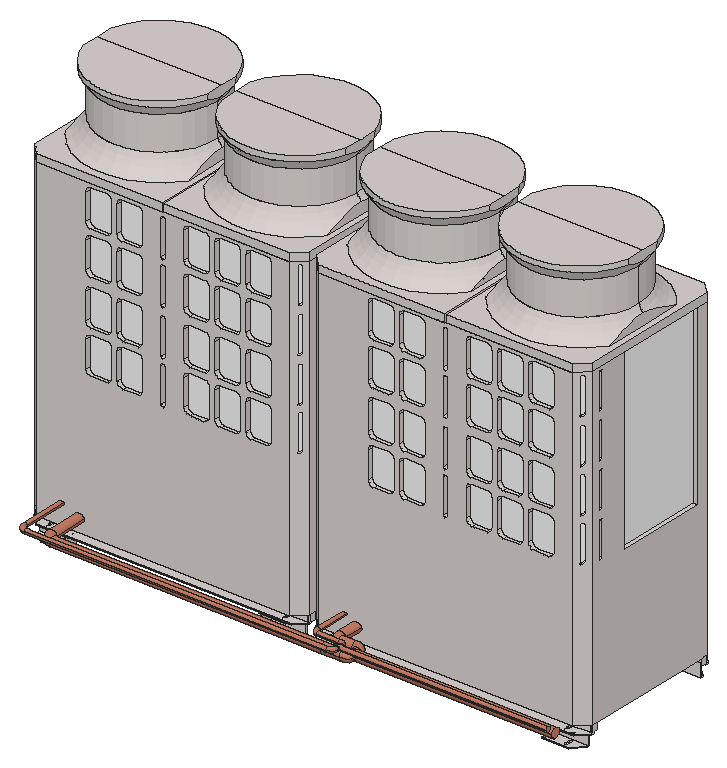
Revit family "PUHY-EP850YSNW-A", category Mechanical Equipment, Revit 2012 (continued)
Definition of nested family "PUHY-EP400YNW-A"
  Lines and regions (mm)
    model lines
      curve 65: line (-620, 176.7, 478) -> (-620, -103.3, 478)
      curve 66: line (-620, -103.3, 458) -> (-620, 176.7, 458)
      curve 67: arc (-620, 186.7, 468) -> (-620, 183.771, 475.071) -> (-620, 176.7, 478) r 10
      curve 68: arc (-620, 176.7, 458) -> (-620, 183.771, 460.929) -> (-620, 186.7, 468) r 10
      curve 69: arc (-620, -103.3, 478) -> (-620, -110.371, 475.071) -> (-620, -113.3, 468) r 10
      curve 70: arc (-620, -113.3, 468) -> (-620, -110.371, 460.929) -> (-620, -103.3, 458) r 10
      curve 71: line (-620, 176.7, 583) -> (-620, -103.3, 583)
      curve 72: line (-620, -103.3, 563) -> (-620, 176.7, 563)
      curve 73: arc (-620, 186.7, 573) -> (-620, 183.771, 580.071) -> (-620, 176.7, 583) r 10
      curve 74: arc (-620, 176.7, 563) -> (-620, 183.771, 565.929) -> (-620, 186.7, 573) r 10
      curve 75: arc (-620, -103.3, 583) -> (-620, -110.371, 580.071) -> (-620, -113.3, 573) r 10
      curve 76: arc (-620, -113.3, 573) -> (-620, -110.371, 565.929) -> (-620, -103.3, 563) r 10
      curve 77: line (-544, 370, 1521) -> (-544, 370, 95)
      curve 78: line (489, 370, 649) -> (30, 370, 649)
      curve 79: line (-30.5, 370, 649) -> (-544, 370, 649)
      curve 80: line (-147.25, 370, 584) -> (-427.25, 370, 584)
      curve 81: line (-427.25, 370, 564) -> (-147.25, 370, 564)
      curve 82: arc (-137.25, 370, 574) -> (-140.179, 370, 581.071) -> (-147.25, 370, 584) r 10
      curve 83: arc (-147.25, 370, 564) -> (-140.179, 370, 566.929) -> (-137.25, 370, 574) r 10
      curve 84: arc (-427.25, 370, 584) -> (-434.321, 370, 581.071) -> (-437.25, 370, 574) r 10
      curve 85: arc (-437.25, 370, 574) -> (-434.321, 370, 566.929) -> (-427.25, 370, 564) r 10
      curve 86: circle (448, -185, 1521) r 15 normal (0, 0, 1)
      curve 87: circle (468, -185, 95) r 26 normal (0, 0, 1)
      curve 88: circle (448, -260, 95) r 32.5 normal (0, 0, 1)
      curve 89: circle (404, -204, 95) r 17 normal (0, 0, 1)
      curve 90: line (-550, -370, 1521) -> (-550, -370, 95)
      curve 91: line (-550, -370, 716) -> (-30, -370, 716)
      curve 92: line (550, -370, 95) -> (550, -370, 1521)
      curve 93: line (30, -370, 716) -> (550, -370, 716)
      curve 94: line (-30.5, 370, 1521) -> (-30.5, 370, 95)
      curve 95: line (30, 370, 1521) -> (30, 370, 95)
      curve 96: line (489, 370, 1521) -> (489, 370, 95)
      curve 97: line (467, 370, 669) -> (467, 370, 649)
      curve 98: line (-352, -370, 223) -> (-550, -370, 223)
      curve 99: line (-342, -370, 213) -> (-342, -370, 95)
      curve 100: arc (-342, -370, 213) -> (-344.929, -370, 220.071) -> (-352, -370, 223) r 10
      curve 101: circle (488, -370, 160) r 32.5 normal (0, -1, 0)
      curve 102: circle (488, -370, 160) r 20 normal (0, -1, 0)
      curve 103: circle (364, -370, 150) r 17 normal (0, -1, 0)
      curve 104: circle (413, -370, 185) r 26 normal (0, -1, 0)
      curve 105: circle (413, -370, 185) r 13.5 normal (0, -1, 0)
      curve 106: line (352, -370, 223) -> (550, -370, 223)
      curve 107: line (342, -370, 213) -> (342, -370, 95)
      curve 108: arc (342, -370, 213) -> (344.929, -370, 220.071) -> (352, -370, 223) r 10
      curve 109: line (-147.25, 370, 479) -> (-427.25, 370, 479)
      curve 110: line (-427.25, 370, 459) -> (-147.25, 370, 459)
      curve 111: arc (-137.25, 370, 469) -> (-140.179, 370, 476.071) -> (-147.25, 370, 479) r 10
      curve 112: arc (-147.25, 370, 459) -> (-140.179, 370, 461.929) -> (-137.25, 370, 469) r 10
      curve 113: arc (-427.25, 370, 479) -> (-434.321, 370, 476.071) -> (-437.25, 370, 469) r 10
      curve 114: arc (-437.25, 370, 469) -> (-434.321, 370, 461.929) -> (-427.25, 370, 459) r 10
      curve 115: line (-147.25, 370, 374) -> (-427.25, 370, 374)
      curve 116: line (-427.25, 370, 354) -> (-147.25, 370, 354)
      curve 117: arc (-137.25, 370, 364) -> (-140.179, 370, 371.071) -> (-147.25, 370, 374) r 10
      curve 118: arc (-147.25, 370, 354) -> (-140.179, 370, 356.929) -> (-137.25, 370, 364) r 10
      curve 119: arc (-427.25, 370, 374) -> (-434.321, 370, 371.071) -> (-437.25, 370, 364) r 10
      curve 120: arc (-437.25, 370, 364) -> (-434.321, 370, 356.929) -> (-427.25, 370, 354) r 10
      curve 121: line (-147.25, 370, 269) -> (-427.25, 370, 269)
      curve 122: line (-427.25, 370, 249) -> (-147.25, 370, 249)
      curve 123: arc (-137.25, 370, 259) -> (-140.179, 370, 266.071) -> (-147.25, 370, 269) r 10
      curve 124: arc (-147.25, 370, 249) -> (-140.179, 370, 251.929) -> (-137.25, 370, 259) r 10
      curve 125: arc (-427.25, 370, 269) -> (-434.321, 370, 266.071) -> (-437.25, 370, 259) r 10
      curve 126: arc (-437.25, 370, 259) -> (-434.321, 370, 251.929) -> (-427.25, 370, 249) r 10
      curve 127: line (399.5, 370, 584) -> (119.5, 370, 584)
      curve 128: line (119.5, 370, 564) -> (399.5, 370, 564)
      curve 129: arc (409.5, 370, 574) -> (406.571, 370, 581.071) -> (399.5, 370, 584) r 10
      curve 130: arc (399.5, 370, 564) -> (406.571, 370, 566.929) -> (409.5, 370, 574) r 10
      curve 131: arc (119.5, 370, 584) -> (112.429, 370, 581.071) -> (109.5, 370, 574) r 10
      curve 132: arc (109.5, 370, 574) -> (112.429, 370, 566.929) -> (119.5, 370, 564) r 10
      curve 133: line (399.5, 370, 479) -> (119.5, 370, 479)
      curve 134: line (119.5, 370, 459) -> (399.5, 370, 459)
      curve 135: arc (409.5, 370, 469) -> (406.571, 370, 476.071) -> (399.5, 370, 479) r 10
      curve 136: arc (399.5, 370, 459) -> (406.571, 370, 461.929) -> (409.5, 370, 469) r 10
      curve 137: arc (119.5, 370, 479) -> (112.429, 370, 476.071) -> (109.5, 370, 469) r 10
      curve 138: arc (109.5, 370, 469) -> (112.429, 370, 461.929) -> (119.5, 370, 459) r 10
      curve 139: line (399.5, 370, 374) -> (119.5, 370, 374)
      curve 140: line (119.5, 370, 354) -> (399.5, 370, 354)
      curve 141: arc (409.5, 370, 364) -> (406.571, 370, 371.071) -> (399.5, 370, 374) r 10
      curve 142: arc (399.5, 370, 354) -> (406.571, 370, 356.929) -> (409.5, 370, 364) r 10
      curve 143: arc (119.5, 370, 374) -> (112.429, 370, 371.071) -> (109.5, 370, 364) r 10
      curve 144: arc (109.5, 370, 364) -> (112.429, 370, 356.929) -> (119.5, 370, 354) r 10
      curve 145: line (399.5, 370, 269) -> (119.5, 370, 269)
      curve 146: line (119.5, 370, 249) -> (399.5, 370, 249)
      curve 147: arc (409.5, 370, 259) -> (406.571, 370, 266.071) -> (399.5, 370, 269) r 10
      curve 148: arc (399.5, 370, 249) -> (406.571, 370, 251.929) -> (409.5, 370, 259) r 10
      curve 149: arc (119.5, 370, 269) -> (112.429, 370, 266.071) -> (109.5, 370, 259) r 10
      curve 150: arc (109.5, 370, 259) -> (112.429, 370, 251.929) -> (119.5, 370, 249) r 10
      curve 151: line (399.5, -370, 584) -> (119.5, -370, 584)
      curve 152: line (119.5, -370, 564) -> (399.5, -370, 564)
      curve 153: arc (409.5, -370, 574) -> (406.571, -370, 581.071) -> (399.5, -370, 584) r 10
      curve 154: arc (399.5, -370, 564) -> (406.571, -370, 566.929) -> (409.5, -370, 574) r 10
      curve 155: arc (119.5, -370, 584) -> (112.429, -370, 581.071) -> (109.5, -370, 574) r 10
      curve 156: arc (109.5, -370, 574) -> (112.429, -370, 566.929) -> (119.5, -370, 564) r 10
      curve 157: line (399.5, -370, 479) -> (119.5, -370, 479)
      curve 158: line (119.5, -370, 459) -> (399.5, -370, 459)
      curve 159: arc (409.5, -370, 469) -> (406.571, -370, 476.071) -> (399.5, -370, 479) r 10
      curve 160: arc (399.5, -370, 459) -> (406.571, -370, 461.929) -> (409.5, -370, 469) r 10
      curve 161: arc (119.5, -370, 479) -> (112.429, -370, 476.071) -> (109.5, -370, 469) r 10
      curve 162: arc (109.5, -370, 469) -> (112.429, -370, 461.929) -> (119.5, -370, 459) r 10
      curve 163: line (399.5, -370, 374) -> (119.5, -370, 374)
      curve 164: line (119.5, -370, 354) -> (399.5, -370, 354)
      curve 165: arc (409.5, -370, 364) -> (406.571, -370, 371.071) -> (399.5, -370, 374) r 10
      curve 166: arc (399.5, -370, 354) -> (406.571, -370, 356.929) -> (409.5, -370, 364) r 10
      curve 167: arc (119.5, -370, 374) -> (112.429, -370, 371.071) -> (109.5, -370, 364) r 10
      curve 168: arc (109.5, -370, 364) -> (112.429, -370, 356.929) -> (119.5, -370, 354) r 10
      curve 169: arc (119.5, -370, 269) -> (112.429, -370, 266.071) -> (109.5, -370, 259) r 10
      curve 170: arc (109.5, -370, 259) -> (112.429, -370, 251.929) -> (119.5, -370, 249) r 10
      curve 171: line (-147.25, -370, 584) -> (-427.25, -370, 584)
      curve 172: line (-427.25, -370, 564) -> (-147.25, -370, 564)
      curve 173: arc (-137.25, -370, 574) -> (-140.179, -370, 581.071) -> (-147.25, -370, 584) r 10
      curve 174: arc (-147.25, -370, 564) -> (-140.179, -370, 566.929) -> (-137.25, -370, 574) r 10
      curve 175: arc (-427.25, -370, 584) -> (-434.321, -370, 581.071) -> (-437.25, -370, 574) r 10
      curve 176: arc (-437.25, -370, 574) -> (-434.321, -370, 566.929) -> (-427.25, -370, 564) r 10
      curve 177: line (-147.25, -370, 479) -> (-427.25, -370, 479)
      curve 178: line (-427.25, -370, 459) -> (-147.25, -370, 459)
      curve 179: arc (-137.25, -370, 469) -> (-140.179, -370, 476.071) -> (-147.25, -370, 479) r 10
      curve 180: arc (-147.25, -370, 459) -> (-140.179, -370, 461.929) -> (-137.25, -370, 469) r 10
      curve 181: arc (-427.25, -370, 479) -> (-434.321, -370, 476.071) -> (-437.25, -370, 469) r 10
      curve 182: arc (-437.25, -370, 469) -> (-434.321, -370, 461.929) -> (-427.25, -370, 459) r 10
      curve 183: line (-147.25, -370, 374) -> (-427.25, -370, 374)
      curve 184: line (-427.25, -370, 354) -> (-147.25, -370, 354)
      curve 185: arc (-137.25, -370, 364) -> (-140.179, -370, 371.071) -> (-147.25, -370, 374) r 10
      curve 186: arc (-147.25, -370, 354) -> (-140.179, -370, 356.929) -> (-137.25, -370, 364) r 10
      curve 187: arc (-427.25, -370, 374) -> (-434.321, -370, 371.071) -> (-437.25, -370, 364) r 10
      curve 188: arc (-437.25, -370, 364) -> (-434.321, -370, 356.929) -> (-427.25, -370, 354) r 10
      curve 189: line (-147.25, -370, 269) -> (-262.25, -370, 269)
      curve 190: line (-262.25, -370, 249) -> (-147.25, -370, 249)
      curve 191: arc (-137.25, -370, 259) -> (-140.179, -370, 266.071) -> (-147.25, -370, 269) r 10
      curve 192: arc (-147.25, -370, 249) -> (-140.179, -370, 251.929) -> (-137.25, -370, 259) r 10
      curve 193: arc (-262.25, -370, 269) -> (-269.321, -370, 266.071) -> (-272.25, -370, 259) r 10
      curve 194: arc (-272.25, -370, 259) -> (-269.321, -370, 251.929) -> (-262.25, -370, 249) r 10
      curve 195: line (234.5, -370, 269) -> (119.5, -370, 269)
      curve 196: line (119.5, -370, 249) -> (234.5, -370, 249)
      curve 197: arc (244.5, -370, 259) -> (241.571, -370, 266.071) -> (234.5, -370, 269) r 10
      curve 198: arc (234.5, -370, 249) -> (241.571, -370, 251.929) -> (244.5, -370, 259) r 10
  Dimensions and locks
    nested 2 to nested 2 = 303 mm
    cut or joined group 1 (Extrusion 1, Extrusion 2, Extrusion 3, Extrusion 4, Extrusion 5, Extrusion 6, Extrusion 7, Extrusion 8, Extrusion 9, Extrusion 10, Extrusion 11, Extrusion 12, Extrusion 13, Extrusion 14, Extrusion 15, Extrusion 16, Extrusion 17, Extrusion 18, Extrusion 19, Extrusion 20, Extrusion 21, Extrusion 22, Extrusion 23, Extrusion 24, Extrusion 25, Extrusion 26, Extrusion 27, Extrusion 28, Extrusion 29, Extrusion 30, Extrusion 31, Extrusion 32, Extrusion 33) to cut or joined group 1 = 1240 mm
    Extrusion 2 sketch curve to Extrusion 2 sketch curve = 116.8 mm
    Extrusion 2 sketch curve to Extrusion 2 sketch curve = 170.8 mm
    Extrusion 3 sketch curve to Extrusion 3 sketch curve = 116.8 mm
    Extrusion 3 sketch curve to Extrusion 3 sketch curve = 170.8 mm
    Extrusion 4 sketch curve to Extrusion 4 sketch curve = 116.8 mm
    Extrusion 4 sketch curve to Extrusion 4 sketch curve = 170.8 mm
    Extrusion 5 sketch curve to Extrusion 5 sketch curve = 116.8 mm
    Extrusion 5 sketch curve to Extrusion 5 sketch curve = 170.8 mm
    Extrusion 6 sketch curve to Extrusion 6 sketch curve = 116.8 mm
    Extrusion 6 sketch curve to Extrusion 6 sketch curve = 170.8 mm
    Extrusion 7 sketch curve to Extrusion 7 sketch curve = 116.8 mm
    Extrusion 7 sketch curve to Extrusion 7 sketch curve = 170.8 mm
    Extrusion 8 sketch curve to Extrusion 8 sketch curve = 116.8 mm
    Extrusion 8 sketch curve to Extrusion 8 sketch curve = 170.8 mm
    Extrusion 9 sketch curve to Extrusion 9 sketch curve = 116.8 mm
    Extrusion 9 sketch curve to Extrusion 9 sketch curve = 170.8 mm
    cut or joined group 1 to cut or joined group 1 = 50 mm  (x2)
    Extrusion 10 sketch curve to Extrusion 10 sketch curve = 116.8 mm
    Extrusion 10 sketch curve to Extrusion 10 sketch curve = 170.8 mm
    Extrusion 11 sketch curve to Extrusion 11 sketch curve = 116.8 mm
    Extrusion 11 sketch curve to Extrusion 11 sketch curve = 170.8 mm
    Extrusion 12 sketch curve to Extrusion 12 sketch curve = 116.8 mm
    Extrusion 12 sketch curve to Extrusion 12 sketch curve = 170.8 mm
    Extrusion 13 sketch curve to Extrusion 13 sketch curve = 116.8 mm
    Extrusion 13 sketch curve to Extrusion 13 sketch curve = 170.8 mm
    Extrusion 14 sketch curve to Extrusion 14 sketch curve = 116.8 mm
    Extrusion 14 sketch curve to Extrusion 14 sketch curve = 170.8 mm
    Extrusion 15 sketch curve to Extrusion 15 sketch curve = 116.8 mm
    Extrusion 15 sketch curve to Extrusion 15 sketch curve = 170.8 mm
    Extrusion 16 sketch curve to Extrusion 16 sketch curve = 116.8 mm
    Extrusion 16 sketch curve to Extrusion 16 sketch curve = 170.8 mm
    Extrusion 17 sketch curve to Extrusion 17 sketch curve = 116.8 mm
    Extrusion 17 sketch curve to Extrusion 17 sketch curve = 170.8 mm
    Extrusion 18 sketch curve to Extrusion 18 sketch curve = 116.8 mm
    Extrusion 18 sketch curve to Extrusion 18 sketch curve = 170.8 mm
    Extrusion 19 sketch curve to Extrusion 19 sketch curve = 116.8 mm
    Extrusion 19 sketch curve to Extrusion 19 sketch curve = 170.8 mm
    Extrusion 20 sketch curve to Extrusion 20 sketch curve = 116.8 mm
    Extrusion 20 sketch curve to Extrusion 20 sketch curve = 170.8 mm
    Extrusion 21 sketch curve to Extrusion 21 sketch curve = 116.8 mm
    Extrusion 21 sketch curve to Extrusion 21 sketch curve = 170.8 mm
    plane 3 "Center (Left/Right)" to cut or joined group 1 = 620 mm
    cut or joined group 1 to plane 3 "Center (Left/Right)" = 620 mm
    Extrusion 1 sketch curve to Extrusion 1 sketch curve = 1240 mm
    cut or joined group 1 to plane 8 = 185 mm
    cut or joined group 1 to plane 7 = 166 mm
    cut or joined group 1 to plane 6 = 110 mm
    cut or joined group 1 to plane 12 to cut or joined group 1 = 805 mm, 621 mm
    plane 5 to plane 2 = 1858 mm  (x2)
    cut or joined group 1 to plane 19 "132" = 132 mm
    cut or joined group 1 to plane 22 = 207 mm
    cut or joined group 1 to plane 23 = 256 mm
    cut or joined group 1 to plane 6 = 60 mm
    cut or joined group 1 to cut or joined group 1 = 42.154 mm
    cut or joined group 1 to cut or joined group 1 = 11.895 mm
    nested 1 to nested 3 to level = 1798 mm, 60 mm
    nested 1 to nested 1 = 303 mm
    nested 1 to nested 3 = 1495 mm
    nested 8 to nested 8 to nested 8 to nested 7 to nested 7 to nested 7 = 54 mm, 20 mm, 592 mm, 20 mm, 54 mm
    nested 3 to nested 3 = 56 mm
    plane 11 to plane 31 to plane 32 to cut or joined group 1 = 90 mm, 1060 mm, 90 mm
    curve 103 to nested 7 = 90 mm
    curve 104 to nested 7 = 125 mm
    curve 101 to nested 7 = 100 mm
    curve 11 to curve 13 to nested 7 = 84 mm, 71 mm
    cut or joined group 1 to curve 12 to curve 14 = 125 mm, 148 mm
    nested 2 to nested 7 = 1495 mm
    curve 87 to cut or joined group 1 = 152 mm
    curve 88 to cut or joined group 1 = 172 mm
    curve 89 to cut or joined group 1 = 216 mm
    cut or joined group 1 to curve 4 to curve 2 = 128 mm, 150 mm
    cut or joined group 1 to curve 1 to curve 3 = 79 mm, 94 mm
    Extrusion 32 sketch curve to nested 7 = 116 mm
    cut or joined group 1 to Extrusion 32 sketch curve = 160 mm
    cut or joined group 1 to Extrusion 33 sketch curve = 243 mm
    Extrusion 33 sketch curve to nested 7 = 116 mm
    cut or joined group 1 to cut or joined group 1 = 740 mm
    plane 30 to plane 4 = 740 mm
    aligned and locked: level to plane 2
    aligned and locked: Extrusion 1 to plane 4
  Nested families
    nested 1: "FAN GUARD" at (-311.5, 2, 860), type "FAN GUARD"
      with WIDTH 870 mm
    nested 2: "FAN GUARD" at (311.5, 2, 860) x (-1, 0, 0) z (0, 0, 1), type "FAN GUARD"
      with WIDTH 870 mm
    nested 3: "ATTACHMENT LEG" at (-524, -349, 0), type "ATTACHMENT LEG"
    nested 4: "ATTACHMENT LEG" at (-524, 349, 0), type "ATTACHMENT LEG"
    nested 5: "ATTACHMENT LEG" at (524, -349, 0) x (-1, 0, 0) z (0, 0, 1), type "ATTACHMENT LEG"
    nested 6: "ATTACHMENT LEG" at (524, 349, 0) x (-1, 0, 0) z (0, 0, 1), type "ATTACHMENT LEG"
    nested 7: "BASE LEG_L_" at (0, -352, 60), type "BASE LEG_L_"
      with Width 1240 mm
    nested 8: "BASE LEG_L_" at (0, 352, 60), type "BASE LEG_L_"
      with Width 1240 mm
  Connectors
    piping at (-460, -191, 176), driven by "Liquid pipe_radius"
      settings: on cut or joined group 1, index 3, connector radius 12.7 mm, flow factor 0, pipe flow 0.0 L/s, pressure drop 0.0 Pa, fitting loss kfactor 0, connector angle 0.00°, fixture units 0, engagement length 0 mm, flow configuration 0, flow direction 0, fitting loss method 0, system type 22, joint type 0, gender type 0, connector reference index -1, connector utility 0, adjustable connector no, is connector primary yes, fitting loss table "", connector description "Refrigerant service valve<Liquid pipe>"
    piping at (-377, -191, 176), driven by "Gas pipe_radius"
      settings: on cut or joined group 1, index 4, connector radius 14.29 mm, flow factor 0, pipe flow 0.0 L/s, pressure drop 0.0 Pa, fitting loss kfactor 0, connector angle 0.00°, fixture units 0, engagement length 0 mm, flow configuration 0, flow direction 0, fitting loss method 0, system type 22, joint type 0, gender type 0, connector reference index -1, connector utility 0, adjustable connector no, is connector primary no, fitting loss table "", connector description "Refrigerant service valve<Gas>"
    electrical at (0, -370, 808)
      settings: on cut or joined group 1, index 5, voltage 0 V, apparent load 0 VA, apparent load phase1 0 VA, apparent load phase2 0 VA, apparent load phase3 0 VA, power factor 1, load classification "HVAC", number of poles 1, system type 30, power factor state 1, is connector primary yes, connector utility no, sub classification motor no, connector description ""
  Definition of nested family "FAN GUARD"
    Parameters (values of type "FAN GUARD")
      WIDTH [instance] = 870 mm
    Reference planes
      plane 1 "中心(正面/背面)": y = -2
      plane 2: z = 0
      plane 3 "ファンガード基準面": z = 661
      plane 4: y = 368
      plane 5: x = 366
      plane 6: x = -375
      plane 7 "ファンガード基準上面": z = 695
      plane 8 "ファンガード上面": z = 998
      plane 9: x = -273.971
      plane 10: x = 308.5
      plane 11: x = -308.5
      plane 12: x = 0
    Forms (mm)
      Extrusion 1, solid, material "Paint_5Y 8/1"
        sketch origin (85, 0, 661) x (-1, 0, 0) y (0, -1, 0)
          loop
            line (343.5, -368) -> (393.5, -318) -> (393.5, 322) -> (343.5, 372) -> (-223.5, 372) -> (-223.5, -368) -> (343.5, -368)
        from 0 to 34
      Revolve 2, solid, material "Paint_5Y 8/1"
        sketch origin (0, -2, 0) x (1, 0, 0) y (0, 0, 1)
          loop
            line (0, 695) -> (0, 998) -> (-290, 998) -> (-290, 972.327) -> (-260, 928.372) -> (-260, 777.384)
            arc (-260, 777.384) -> (-290.651, 730.137) -> (-334.665, 695) r 175.882
            line (-334.665, 695) -> (0, 695)
          axis (0, 998) -> (0, 695)
        angle from 0 to 360
      Extrusion 3, void
        sketch origin (-840, 75, 695) x (-1, 0, 0) y (0, -1, 0)
          loop
            line (-410, -165) -> (-410, 315) -> (-561.253, 315) -> (-561.253, -165) -> (-410, -165)
        from -35 to 430.592
      Extrusion 4, void
        sketch origin (840, 75, 695) x (1, 0, 0) y (0, 1, 0)
          loop
            line (-410, 165) -> (-561.253, 165) -> (-561.253, -315) -> (-410, -315) -> (-410, 165)
        from 0 to 430.592
    Cuts and joins
      Extrusion 3, Extrusion 4 cuts Revolve 2
      Extrusion 4 cuts Extrusion 1
    Lines and regions (mm)
      model lines
        curve 1: line (-278.747, 0, 998) -> (-80, 0, 998)
        curve 2: line (80, 0, 998) -> (278.747, 0, 998)
        curve 3: circle (0, 0, 998) r 80 normal (0, 0, 1)
        curve 4: line (-278.747, -80, 998) -> (278.747, -80, 998)
        curve 5: line (-241.868, -160, 998) -> (241.868, -160, 998)
        curve 6: line (-162.788, -240, 998) -> (162.788, -240, 998)
        curve 7: line (-278.747, 80, 998) -> (278.747, 80, 998)
        curve 8: line (-241.868, 160, 998) -> (240, 160, 998)
        curve 9: line (-160, 240, 998) -> (162.788, 240, 998)
        curve 10: line (0, 290, 998) -> (0, -290, 998)
        curve 11: line (-20, 289.31, 998) -> (-20, -289.31, 998)
        curve 12: line (-40, 287.228, 998) -> (-40, -287.228, 998)
        curve 13: line (-60, 283.725, 998) -> (-60, -283.725, 998)
        curve 14: line (-80, 278.747, 998) -> (-80, -278.747, 998)
        curve 15: line (20, 289.31, 998) -> (20, -289.31, 998)
        curve 16: line (40, 287.228, 998) -> (40, -287.228, 998)
        curve 17: line (60, 283.725, 998) -> (60, -283.725, 998)
        curve 18: line (80, 278.747, 998) -> (80, -278.747, 998)
        curve 19: line (100, 272.213, 998) -> (100, -272.213, 998)
        curve 20: line (120, 264.008, 998) -> (120, -264.008, 998)
        curve 21: line (140, 253.969, 998) -> (140, -253.969, 998)
        curve 22: line (160, 241.868, 998) -> (160, -243.132, 998)
        curve 23: line (180, 227.376, 998) -> (180, -227.624, 998)
        curve 24: line (200, 210, 998) -> (200, -210, 998)
        curve 25: line (220, 188.944, 998) -> (220, -188.944, 998)
        curve 26: line (240, 160, 998) -> (240, -162.788, 998)
        curve 27: line (260, 128.452, 998) -> (260, -128.452, 998)
        curve 28: line (-100, 272.213, 998) -> (-100, -272.213, 998)
        curve 29: line (-120, 264.008, 998) -> (-120, -264.008, 998)
        curve 30: line (-140, 253.969, 998) -> (-140, -253.969, 998)
        curve 31: line (-160, 240, 998) -> (-160, -241.868, 998)
        curve 32: line (-180, 227.376, 998) -> (-180, -227.376, 998)
        curve 33: line (-200, 210, 998) -> (-200, -210, 998)
        curve 34: line (-220, 188.944, 998) -> (-220, -188.944, 998)
        curve 35: line (-240, 162.788, 998) -> (-240, -162.788, 998)
        curve 36: line (-260, 128.452, 998) -> (-260, -128.452, 998)
        curve 37: line (10, 79.373, 998) -> (10, -79.373, 998)
        curve 38: line (-10, 79.373, 998) -> (-10, -79.373, 998)
        curve 39: line (30, 74.162, 998) -> (30, -74.162, 998)
        curve 40: line (50, 62.45, 998) -> (50, -62.45, 998)
        curve 41: line (70, 38.73, 998) -> (70, -38.73, 998)
        curve 42: line (-30, 74.162, 998) -> (-30, -74.162, 998)
        curve 43: line (-50, 62.45, 998) -> (-50, -62.45, 998)
        curve 44: line (-70, 38.73, 998) -> (-70, -38.73, 998)
    Dimensions and locks
      locked: plane 8 "ファンガード上面" to plane 7 "ファンガード基準上面" at 303
      plane 8 "ファンガード上面" to plane 3 "ファンガード基準面" = 337 mm
      Revolve 2 sketch curve to Revolve 2 sketch curve = 290 mm
      Extrusion 1 sketch curve to Extrusion 1 sketch curve = 740 mm
      equal spacing: Extrusion 1 sketch curve, plane 1 "中心(正面/背面)", Extrusion 1 sketch curve
      plane 6 to plane 5 = 741 mm
      Extrusion 1 sketch curve to Extrusion 1 sketch curve = 617 mm
      plane 11 to plane 10 = 617 mm
      cut or joined group of Extrusion 1, Extrusion 4 to cut or joined group of Extrusion 1, Extrusion 4 = 617 mm
      cut or joined group of Extrusion 1, Extrusion 4 to cut or joined group of Extrusion 1, Extrusion 4 = 740 mm
      aligned and locked: level to plane 2
      aligned and locked: plane 7 "ファンガード基準上面" to Extrusion 1
      aligned and locked: plane 3 "ファンガード基準面" to Extrusion 1
      aligned and locked: cut or joined group of Revolve 2, Extrusion 3, Extrusion 4 to plane 8 "ファンガード上面"
  Definition of nested family "ATTACHMENT LEG"
    Parameters (values of type "ATTACHMENT LEG")
      Width = 145 mm
    Reference planes
      plane 1: z = 0
      plane 2 "中心(左/右)": x = -6
      plane 3: x = -52
      plane 4: x = 85
      plane 5: x = 93
      plane 6: y = -21
      plane 7: y = 27
      plane 8: x = -30
      plane 9: y = 39
      plane 10: z = 60
      plane 11: z = 57
      plane 12: z = 3
      plane 13: x = 82
      plane 14: y = 36
      plane 15: x = -75
      plane 16: y = 31
      plane 17 "幅": x = 93
      plane 18: y = 2.5
      plane 19: y = 21
      plane 20: y = -10
    Forms (mm)
      Extrusion 1, solid, material "Paint_5Y 8/1"
        sketch origin (0, -1, 0) x (1, 0, 0) y (0, 1, 0)
          loop
            line (-75, 36) -> (-75, 27) -> (-28, -20) -> (93, -20) -> (93, 32) -> (85, 32) -> (85, 36) -> (-75, 36)
        from 0 to 60
      Extrusion 2, void
        sketch origin (0, -3, 0) x (1, 0, 0) y (0, 0, 1)
          loop
            line (-75, 57) -> (-75, 3) -> (82, 3) -> (82, 57) -> (-75, 57)
          loop
            line (93, 57) -> (85, 57) -> (85, 3) -> (93, 3) -> (93, 57)
        from -35 to 18
      Extrusion 3, void
        sketch origin (-6, 5.5, 0) x (1, 0, 0) y (0, 1, 0)
          loop
            arc (-7, -8.5) -> (0, -15.5) -> (7, -8.5) r 7
            line (7, -8.5) -> (7, 8.5)
            arc (7, 8.5) -> (0, 15.5) -> (-7, 8.5) r 7
            line (-7, 8.5) -> (-7, -8.5)
        from 0 to 60
    Cuts and joins
      Extrusion 2, Extrusion 3 cuts Extrusion 1
    Dimensions and locks
      locked: plane 3 to plane 4 at 137
      locked: plane 3 to plane 5 at 145
      plane 6 to plane 7 = 48 mm
      locked: plane 10 to level at 60
      Extrusion 3 sketch curve to plane 2 "中心(左/右)" = 7 mm
      locked: plane 15 to plane 2 "中心(左/右)" at 69
      locked: plane 15 to plane 8 at 45
      locked: plane 6 to plane 18 at 23.5
      cut or joined group of Extrusion 1, Extrusion 2, Extrusion 3 to cut or joined group of Extrusion 1, Extrusion 2, Extrusion 3 = 168 mm
      cut or joined group of Extrusion 1, Extrusion 2, Extrusion 3 to cut or joined group of Extrusion 1, Extrusion 2, Extrusion 3 = 56 mm  (x2)
      plane 14 to plane 6 = 57 mm
      aligned and locked: level to plane 1
      aligned and locked: Extrusion 1 sketch curve to plane 4
      aligned and locked: Extrusion 1 sketch curve to plane 5
      aligned: plane 8 to Extrusion 1 sketch curve
      aligned and locked: plane 10 to Extrusion 1
      aligned and locked: Extrusion 2 sketch curve to plane 11
      aligned: plane 3 to Extrusion 2 sketch curve
      aligned and locked: plane 12 to Extrusion 2 sketch curve
      aligned and locked: Extrusion 2 sketch curve to plane 13
      aligned and locked: plane 6 to Extrusion 2
      aligned and locked: plane 11 to Extrusion 2 sketch curve
      aligned and locked: plane 5 to Extrusion 2 sketch curve
      aligned and locked: Extrusion 2 sketch curve to plane 12
      aligned and locked: Extrusion 2 sketch curve to plane 4
      aligned and locked: plane 15 to Extrusion 1 sketch curve
      aligned and locked: Extrusion 2 sketch curve to cut or joined group of Extrusion 1, Extrusion 2, Extrusion 3
      aligned and locked: Extrusion 1 to plane 16
  Definition of nested family "BASE LEG_L_"
    Parameters (values of type "BASE LEG_L_")
      Width [instance] = 1240 mm
    Reference planes
      plane 1 "中心(正面/背面)": y = 0
      plane 2: z = 0
      plane 3 "中心(左/右)": x = 0
      plane 4: x = 620
      plane 5: x = -620
      plane 6: x = -530
      plane 7: x = 530
      plane 8: y = -18
      plane 9: y = 39
      plane 10: z = 53
      plane 11: y = 42
      plane 12: y = 27
      plane 13: x = 575
      plane 14: x = -575
      plane 15: z = 8
      plane 16: y = 11.5
      plane 17: z = 35
    Forms (mm)
      Extrusion 1, solid, material "Paint_5Y 8/1"
        sketch origin (0, 0, 0) x (0, 1, 0) y (0, 0, 1)
          loop
            line (-18, 0) -> (36, 0) -> (36, 32) -> (56, 32) -> (56, 35) -> (33, 35) -> (33, 3) -> (-18, 3) -> (-18, 0)
        from -620 to 620
      Extrusion 2, void
        sketch origin (0, 0, 0) x (1, 0, 0) y (0, 1, 0)
          loop
            line (575, -18) -> (620, -18) -> (620, 27) -> (575, -18)
          loop
            line (-575, -18) -> (-620, 27) -> (-620, -18) -> (-575, -18)
        from 0 to 250
      Extrusion 3, void
        sketch origin (0, 12.023, 0) x (1, 0, 0) y (0, 1, 0)
          loop
            arc (523, -2.971) -> (530, -9.971) -> (537, -2.971) r 7
            line (537, -2.971) -> (537, 3.023)
            arc (537, 3.023) -> (530, 10.023) -> (523, 3.023) r 7
            line (523, 3.023) -> (523, -2.971)
          loop
            line (-523, -2.971) -> (-523, 3.023)
            arc (-523, 3.023) -> (-530, 10.023) -> (-537, 3.023) r 7
            line (-537, 3.023) -> (-537, -2.971)
            arc (-537, -2.971) -> (-530, -9.971) -> (-523, -2.971) r 7
        from 0 to 250
      Extrusion 4, solid, material "Paint_5Y 8/1"
        sketch origin (0, 0, -3) x (1, 0, 0) y (0, 0, 1)
          loop
            line (617, 8) -> (620, 8) -> (620, 35) -> (617, 35) -> (617, 8)
          loop
            line (-617, 8) -> (-617, 35) -> (-620, 35) -> (-620, 8) -> (-617, 8)
        from -36 to -56
      Extrusion 5, solid, material "Paint_5Y 8/1"
        sketch origin (150, 352, 0) x (1, 0, 0) y (0, 1, 0)
          loop
            line (460, -319) -> (455, -319) -> (455, -320) -> (405, -370) -> (410, -370) -> (460, -320) -> (460, -319)
        from 3 to 35
      Extrusion 6, void
        sketch origin (560, -18, 0) x (0.707107, 0.707107, 0) y (0, 0, 1)
          loop
            line (70.711, 3) -> (-6.741, 39.767) -> (-6.741, 3) -> (70.711, 3)
        from -190.256 to 23.776
      Extrusion 7, solid, material "Paint_5Y 8/1"
        sketch origin (-150, 352, 0) x (-1, 0, 0) y (0, -1, 0)
          loop
            line (460, 319) -> (460, 320) -> (410, 370) -> (405, 370) -> (455, 320) -> (455, 319) -> (460, 319)
        from 3 to 35
      Extrusion 8, void
        sketch origin (-560, -18, 0) x (0.707107, -0.707107, 0) y (0, 0, -1)
          loop
            line (-70.711, -3) -> (0, -35) -> (6.741, -35) -> (6.741, -3) -> (-70.711, -3)
        from -190.256 to 23.776
    Cuts and joins
      Extrusion 2, Extrusion 3 cuts Extrusion 1
      joined: Extrusion 1, Extrusion 4
      Extrusion 8 cuts Extrusion 7
      Extrusion 6 cuts Extrusion 5
    Dimensions and locks
      "Width": plane 5 to plane 4
      equal spacing: plane 5, plane 3 "中心(左/右)", plane 4
      locked: plane 5 to plane 6 at 90
      locked: plane 7 to plane 4 at 90
      locked: plane 8 to plane 9 at 57
      locked: plane 10 to level at 53
      locked: plane 9 to plane 11 at 3
      plane 8 to plane 12 = 45 mm
      locked: plane 13 to plane 4 at 45
      locked: plane 5 to plane 14 at 45
      equal spacing: Extrusion 3 sketch curve, plane 7, Extrusion 3 sketch curve
      equal spacing: Extrusion 3 sketch curve, plane 6, Extrusion 3 sketch curve
      locked: plane 10 to plane 15 at 45
      locked: cut or joined group of Extrusion 1, Extrusion 2, Extrusion 3, Extrusion 4 to Extrusion 4 sketch curve at 3  (x2)
      locked: plane 8 to plane 16 at 29.5
      plane 8 to plane 11 = 60 mm
      cut or joined group of Extrusion 1, Extrusion 2, Extrusion 3, Extrusion 4 to cut or joined group of Extrusion 1, Extrusion 2, Extrusion 3, Extrusion 4 = 35 mm
      aligned and locked: level to plane 2
      aligned and locked: plane 8 to Extrusion 1 sketch curve
      aligned and locked: plane 4 to Extrusion 1
      aligned and locked: Extrusion 1 to plane 5
      aligned and locked: Extrusion 2 sketch curve to plane 4
      aligned and locked: Extrusion 2 sketch curve to plane 8
      aligned and locked: plane 12 to Extrusion 2 sketch curve
      aligned and locked: plane 13 to Extrusion 2 sketch curve
      aligned and locked: plane 4 to Extrusion 4 sketch curve
      aligned and locked: plane 5 to Extrusion 4 sketch curve
      aligned and locked: cut or joined group of Extrusion 7, Extrusion 8 to cut or joined group of Extrusion 1, Extrusion 2, Extrusion 3, Extrusion 4
    Automatic sketch dimensions
      Extrusion 3 sketch curve to plane 1 "中心(正面/背面)" = 9.052 mm  (x2)
      Extrusion 3 sketch curve to plane 7 = 7 mm
      Extrusion 3 sketch curve to plane 1 "中心(正面/背面)" = 15.046 mm  (x2)
      Extrusion 3 sketch curve to plane 6 = 7 mm
      Extrusion 2 sketch curve to plane 5 = 0 mm
      plane 8 to Extrusion 2 sketch curve = 0 mm
      Extrusion 2 sketch curve to plane 14 = 0 mm
      plane 12 to Extrusion 2 sketch curve = 0 mm
      Extrusion 4 sketch curve to plane 10 = 21 mm
      plane 7 to Extrusion 5 sketch curve = 25 mm
      Extrusion 5 sketch curve to Extrusion 5 sketch curve = 5 mm  (x2)
      plane 7 to Extrusion 5 sketch curve = 75 mm
      plane 8 to Extrusion 5 sketch curve = 0 mm
      Extrusion 5 sketch curve to Extrusion 5 sketch curve = 50 mm
      Extrusion 5 sketch curve to Extrusion 5 sketch curve = 0 mm
      Extrusion 5 sketch curve to Extrusion 5 sketch curve = 1 mm
      Extrusion 6 sketch curve to Extrusion 5 = 0 mm  (x2)
      Extrusion 6 sketch curve to Extrusion 5 = 6.741 mm
      Extrusion 6 sketch curve to Extrusion 5 = 4.767 mm
      plane 6 to Extrusion 7 sketch curve = 25 mm
      Extrusion 7 sketch curve to Extrusion 7 sketch curve = 5 mm  (x2)
      Extrusion 7 sketch curve to Extrusion 7 sketch curve = 45 mm
      Extrusion 7 sketch curve to plane 8 = 0 mm
      Extrusion 7 sketch curve to Extrusion 7 sketch curve = 50 mm
      Extrusion 7 sketch curve to Extrusion 7 sketch curve = 0 mm
      Extrusion 7 sketch curve to Extrusion 7 sketch curve = 1 mm
      Extrusion 8 sketch curve to Extrusion 7 = 0 mm  (x2)
      Extrusion 7 to Extrusion 8 sketch curve = 0 mm  (x2)
      Extrusion 7 to Extrusion 8 sketch curve = 6.741 mm
      Extrusion 4 sketch curve to plane 17 = 3 mm
      Extrusion 4 sketch curve to plane 15 = 3 mm  (x2)
      Extrusion 1 sketch curve to plane 17 = 0 mm
      Extrusion 1 sketch curve to level = 0 mm
      level to Extrusion 1 sketch curve = 3 mm
      plane 9 to Extrusion 1 sketch curve = 6 mm
      plane 9 to Extrusion 1 sketch curve = 3 mm
      Extrusion 1 sketch curve to plane 17 = 3 mm
      Extrusion 1 sketch curve to plane 11 = 14 mm
Types (6, lengths in mm): name | Voltage | Hertz | Heating Current (A) | Cooling Current (A)
  PUHY-EP850YSNW-A_380V_50Hz | 380 V | 50 Hz | 45 | 37.8
  PUHY-EP850YSNW-A_380V_60Hz | 380 V | 60 Hz | 45 | 37.8
  PUHY-EP850YSNW-A_400V_50Hz | 400 V | 50 Hz | 42.7 | 35.9
  PUHY-EP850YSNW-A_400V_60Hz | 400 V | 60 Hz | 42.7 | 35.9
  PUHY-EP850YSNW-A_415V_50Hz | 415 V | 50 Hz | 41.2 | 34.6
  PUHY-EP850YSNW-A_415V_60Hz | 415 V | 60 Hz | 41.2 | 34.6
